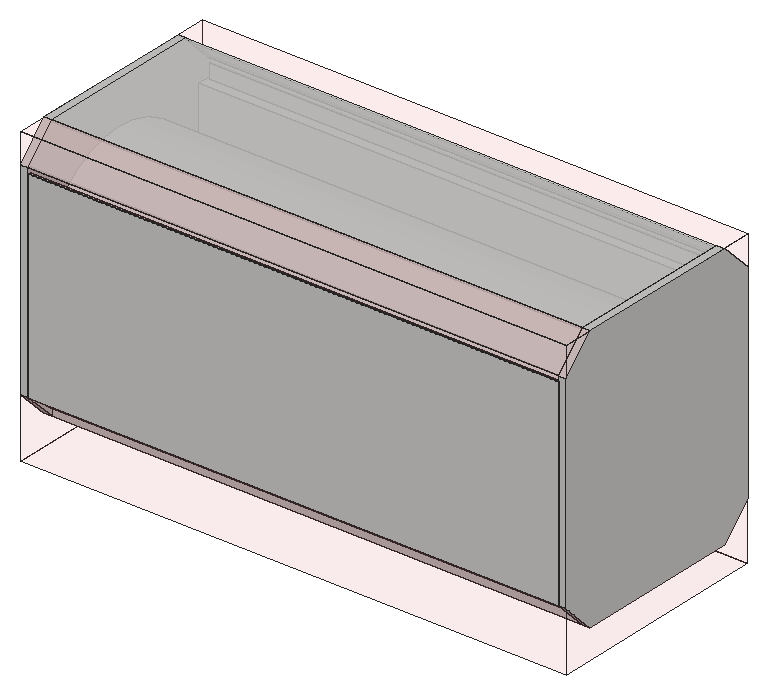
Revit family "Air-Curtain_Climate-Control_PoweredAire_ETD", category Mechanical Equipment, host Face, Revit 2017
Family settings
  Host = Face
  Round Connector Dimension = Use Diameter
  Part Type = Normal
  OmniClass Number = 23.75.35.17.21
  OmniClass Title = Air Curtains
  Cut with Voids When Loaded = No
  Shared = No
  Room Calculation Point = No
Parameters
  Warranty Duration (Years) = 0
  Unit Width Notes = "Other Widths available."  # constant formula
  Unit Width = 3' - 0"
  Unit Weight = 0
  Unit Height = 1' - 3"
  Unit Depth = 1' - 5 1/2"
  URL = "http://www.poweredaire.com/"
  Test Data = ""
  Temperature Rise_Range = "as Specified"
  Standards Conformance = "as Specified"
  Specification = "http://www.arcat.com/sdspecs/htm04/23_34_33pai.htm"
  SpecWizard = ""
  Sound Pressure = "as Specified"
  Sales Information = "http://www.poweredaire.com/contact_us"
  Revision = "R1_2016-08"
  Projection from Host [instance] = 0' - 2"
  Product Properties = ""
  Product Data = "http://www.arcat.com/arcatcos/cos47/arc47623.html"
  Power Rating = 0 W
  Outlet Volume_Range = "as Specified"
  Outlet Velocity_Range = "as Specified"
  Nozzle Width = if(1 = 1, Unit Width - 0' 1", 0' 0")  # 2' - 11"
  Mounting Width = if(1 = 1, Unit Width - 0' 0 15/16", 0' 0")  # 2' - 11 1/16"
  Mounting Height [instance] = 3' - 6"
  Motor RPM = 0
  Motor HP = 0
  Motor Count = 0
  Model = "As Specified"
  Max Height = 0' - 0"
  Manufacturer Website = "http://www.poweredaire.com/"
  Manufacturer Phone - Toll Free = "888-321-2473"
  Manufacturer Phone = "724-588-3305"
  Manufacturer Fax = "724-588-3371"
  Manufacturer Address = "109 Mortensen Rd.  Greenville, PA 16125"
  Manufacturer = "Powered Aire, Inc"
  Maintenance Schedule (Months) = 0
  Keynote = "23 34 33"
  Installation-Fabrication = ""
  Installation Phase = ""
  Include Clearance [instance] = yes
  Heating Element Load = 0 W
  HVAC_Temperature Rise [instance] = 0 °F
  HVAC_Outlet Volume [instance] = 0 CFM
  HVAC_Outlet Velocity Uniformity = 0
  HVAC_Outlet Velocity [instance] = 0 FPM
  Green Building-LEED = "http://www.arcat.com/green/clients/leed_data_47623.html"
  Front Grating Material [instance] = Metal - Steel - PoweredAire - Stainless 304 Perforated
  Frame Finish [instance] = Metal - Steel - PoweredAire - Stainless 304
  Expected Lifespan (Years) = 0
  Electrical_Wattage [instance] = Power Rating + Heating Element Load  # 0 W
  Electrical_Voltage [instance] = 0 V
  Electrical_Phase [instance] = 1
  Electrical_Frequency [instance] = 0 Hz
  Electrical_Amperage [instance] = 0 A
  Drawn By = "Sumex Design, Inc. / Robert S. Weygant, CSI, CDT, SCIP"
  Description = "Powered Aire Air Curtain as Specified"
  Default Elevation = 0' - 0"  # constant formula
  Copyright = "©Arcat Inc."
  Construction Details = "http://www.arcat.com/details/powair/prod3336.html"
  Clearance_Top [instance] = 0' - 0"
  Clearance_Side B [instance] = 0' - 0"
  Clearance_Side A [instance] = 0' - 0"
  Clearance_Intake [instance] = 0' - 0"
  Clearance_Bottom [instance] = 0' - 0"
  Clearance Material [instance] = ARCAT Clearance
  Building Codes = ""
  Available Options [instance] = "as Specified"
  Assembly Code = "D3090400"
Reference planes (in)
  plane 1 "Center (Elevation)": y = 0.13818
  plane 2: z = 0
  plane 3 "Center (Left/Right)": x = 0
  plane 4: y = 7.63818
  plane 5: y = -7.36182
  plane 6: x = -18
  plane 7: x = 18
  plane 8: z = 19.5
  plane 9 "FF": y = -41.86182
  plane 10: z = 2
  plane 11: x = 17.5
  plane 12: x = -17.5
  plane 13: y = 7.63818
  plane 14: y = -7.36182
  plane 15: x = -18
  plane 16: x = 18
  plane 17: z = 19.5
Forms (in)
  Extrusion 1, solid, material "Metal - Steel - PoweredAire - Stainless 304" <- "Frame Finish"
    sketch origin (0, 0, 0) x (0, 1, 0) y (0, 0, 1)
      loop
        line (5.69363, 2) -> (7.63818, 3.94454) -> (7.63818, 17.55546) -> (5.69363, 19.5) -> (-5.41728, 19.5) -> (-7.36182, 17.55546) -> (-7.36182, 3.94454) -> (-5.41728, 2) -> (5.69363, 2)
    from 17.5 to 18
  Extrusion 2, solid, material "Metal - Steel - PoweredAire - Stainless 304" <- "Frame Finish"
    sketch origin (0, 0, -0.5) x (0, 1, 0) y (0, 0, 1)
      loop
        circle (0.13818, 10.9739) r 6.25
      loop
        line (6.63818, 16.89427) -> (6.63818, 5.87829) -> (7.33849, 5.87829) -> (7.33849, 16.89427) -> (6.63818, 16.89427)
      loop
        line (-7.02798, 16.76927) -> (-7.02798, 5.75329) -> (-6.36182, 5.75329) -> (-6.36182, 16.76927) -> (-7.02798, 16.76927)
    from -17.5 to 17.5
  Extrusion 3, solid, material "Metal - Steel - PoweredAire - Stainless 304" <- "Frame Finish"
    sketch origin (0, 0, 0) x (0, 1, 0) y (0, 0, -1)
      loop
        line (5.69363, -2) -> (-5.41728, -2) -> (-7.36182, -3.94454) -> (-7.36182, -17.55546) -> (-5.41728, -19.5) -> (5.69363, -19.5) -> (7.63818, -17.55546) -> (7.63818, -3.94454) -> (5.69363, -2)
    from 17.5 to 18
  Extrusion 4, solid, material "Metal - Steel - PoweredAire - Stainless 304" <- "Frame Finish"
    sketch origin (0, 0, 0) x (0, 1, 0) y (0, 0, 1)
      loop
        line (-5.41728, 2) -> (5.69363, 2) -> (7.63818, 3.94454) -> (7.63818, 17.19454) -> (7.51318, 17.19454) -> (7.51318, 3.99632) -> (5.64186, 2.125) -> (-5.29228, 2.125) -> (-5.29228, 4.06954) -> (-7.23682, 4.06954) -> (-7.23682, 17.19454) -> (-7.36182, 17.19454) -> (-7.36182, 3.94454) -> (-5.41728, 3.94454) -> (-5.41728, 2)
      loop
        line (-6.64819, 3.61034) -> (-5.8702, 2.83235) -> (-5.74472, 2.95783) -> (-6.52271, 3.73583) -> (-6.64819, 3.61034)
    from -17.5 to 17.5
  Extrusion 5, solid, material "Metal - Steel - PoweredAire - Stainless 304 Perforated" <- "Front Grating Material"
    sketch origin (0, 0, 0) x (0, 1, 0) y (0, 0, 1)
      loop
        line (-7.36182, 17.19454) -> (-7.23682, 17.19454) -> (-7.23682, 17.50368) -> (-5.3655, 19.375) -> (5.64186, 19.375) -> (7.51318, 17.50368) -> (7.51318, 17.19454) -> (7.63818, 17.19454) -> (7.63818, 17.55546) -> (5.69363, 19.5) -> (-5.41728, 19.5) -> (-7.36182, 17.55546) -> (-7.36182, 17.19454)
    from -17.5 to 17.5
  Extrusion 6, solid, material "ARCAT Clearance" <- "Clearance Material", visible <- "Include Clearance"
    sketch origin (0, 0, 0) x (0, 1, 0) y (0, 0, 1)
      loop
        line (-7.36182, 19.5) -> (-7.36182, 0) -> (7.63818, 0) -> (7.63818, 19.5) -> (-7.36182, 19.5)
    from -18 to 18
Dimensions and locks (in)
  equal spacing: plane 4, plane 1 "Center (Elevation)", plane 5
  "Unit Height": plane 4 to plane 5
  equal spacing: plane 6, plane 3 "Center (Left/Right)", plane 7
  "Unit Width": plane 6 to plane 7
  "Mounting Height": plane 1 "Center (Elevation)" to plane 9 "FF"
  "Projection from Host": plane 10 to level
  "Unit Depth": plane 8 to plane 10
  locked: plane 6 to plane 12 at 0.5
  locked: plane 11 to plane 7 at 0.5
  "Clearance_Side A": plane 7 to plane 16
  "Clearance_Side B": plane 15 to plane 6
  "Clearance_Top": plane 13 to plane 4
  "Clearance_Bottom": plane 5 to plane 14
  "Clearance_Intake": plane 17 to plane 8
  aligned and locked: plane 2 to host face
  aligned and locked: level to host face
  aligned and locked: plane 7 to Extrusion 1
  aligned and locked: Extrusion 1 to plane 11
  aligned and locked: plane 12 to Extrusion 3
  aligned and locked: Extrusion 3 to plane 6
  aligned and locked: Extrusion 2 to plane 12
  aligned and locked: plane 11 to Extrusion 2
  aligned and locked: plane 11 to Extrusion 4
  aligned and locked: Extrusion 4 to plane 12
  aligned and locked: plane 11 to Extrusion 5
  aligned and locked: Extrusion 5 to plane 12
  aligned and locked: Extrusion 6 sketch curve to plane 17
  aligned and locked: plane 14 to Extrusion 6 sketch curve
  aligned and locked: level to Extrusion 6 sketch curve
  aligned and locked: Extrusion 6 sketch curve to plane 13
  aligned and locked: plane 16 to Extrusion 6
  aligned and locked: Extrusion 6 to plane 15
Automatic sketch dimensions
  host sketch curve to host sketch curve = 8' - 0"  (x2)
  Extrusion 1 sketch curve to plane 5 = 0' - 0"
  Extrusion 1 sketch curve to plane 8 = 0' - 0"
  Extrusion 1 sketch curve to plane 10 = 0' - 0"
  Extrusion 1 sketch curve to plane 4 = 0' - 0"
  plane 5 to Extrusion 1 sketch curve = 0' - 1.94454"  (x2)
  Extrusion 1 sketch curve to plane 4 = 0' - 1.94454"  (x2)
  plane 10 to Extrusion 1 sketch curve = 0' - 1.94454"  (x2)
  Extrusion 1 sketch curve to plane 8 = 0' - 1.94454"  (x2)
  Extrusion 2 sketch curve to plane 1 "Center (Elevation)" = 0' - 0"
  plane 5 to Extrusion 2 sketch curve = 0' - 1"
  plane 5 to Extrusion 2 sketch curve = 0' - 0.33384"
  Extrusion 2 sketch curve to plane 4 = 0' - 1"
  Extrusion 2 sketch curve to plane 4 = 0' - 0.29969"
  plane 10 to Extrusion 2 sketch curve = 0' - 3.37829"
  plane 10 to Extrusion 2 sketch curve = 0' - 3.25329"
  Extrusion 2 sketch curve to plane 8 = 0' - 9.0261"
  Extrusion 2 sketch curve to plane 8 = 0' - 3.23073"
  Extrusion 2 sketch curve to plane 8 = 0' - 3.10573"
  Extrusion 3 sketch curve to plane 5 = 0' - 0"
  Extrusion 3 sketch curve to plane 8 = 0' - 0"
  Extrusion 3 sketch curve to plane 10 = 0' - 0"
  Extrusion 3 sketch curve to plane 4 = 0' - 0"
  plane 5 to Extrusion 3 sketch curve = 0' - 1.94454"  (x2)
  Extrusion 3 sketch curve to plane 4 = 0' - 1.94454"  (x2)
  Extrusion 3 sketch curve to plane 8 = 0' - 1.94454"  (x2)
  plane 10 to Extrusion 3 sketch curve = 0' - 1.94454"  (x2)
  Extrusion 4 sketch curve to plane 5 = 0' - 0"
  Extrusion 4 sketch curve to plane 10 = 0' - 0"
  Extrusion 4 sketch curve to plane 4 = 0' - 0"
  plane 5 to Extrusion 4 sketch curve = 0' - 0 1/8"
  plane 5 to Extrusion 4 sketch curve = 0' - 0.71363"
  Extrusion 4 sketch curve to Extrusion 4 sketch curve = 0' - 0.12548"  (x2)
  Extrusion 4 sketch curve to Extrusion 4 sketch curve = 0' - 0.778"
  Extrusion 4 sketch curve to Extrusion 4 sketch curve = 0' - 0.32744"
  Extrusion 4 sketch curve to Extrusion 4 sketch curve = 0' - 0 1/8"  (x2)
  plane 10 to Extrusion 4 sketch curve = 0' - 0 1/8"
  Extrusion 4 sketch curve to plane 4 = 0' - 1.99632"
  Extrusion 4 sketch curve to Extrusion 4 sketch curve = 0' - 0.05178"  (x2)
  plane 10 to Extrusion 4 sketch curve = 0' - 0.83235"
  plane 10 to Extrusion 4 sketch curve = 0' - 1.94454"
  Extrusion 4 sketch curve to Extrusion 4 sketch curve = 0' - 0.3342"
  Extrusion 4 sketch curve to plane 4 = 0' - 0 1/8"
  Extrusion 4 sketch curve to plane 8 = 0' - 2.30546"  (x2)
  Extrusion 5 sketch curve to plane 5 = 0' - 0"
  Extrusion 5 sketch curve to plane 8 = 0' - 0"
  Extrusion 5 sketch curve to plane 4 = 0' - 0"
  plane 5 to Extrusion 5 sketch curve = 0' - 0 1/8"
  plane 5 to Extrusion 5 sketch curve = 0' - 1.94454"
  Extrusion 5 sketch curve to plane 8 = 0' - 0 1/8"
  Extrusion 5 sketch curve to Extrusion 5 sketch curve = 0' - 0.05178"  (x4)
  Extrusion 5 sketch curve to plane 4 = 0' - 1.99632"
  Extrusion 5 sketch curve to plane 8 = 0' - 1.94454"  (x2)
  Extrusion 5 sketch curve to Extrusion 5 sketch curve = 0' - 0 1/8"
  Extrusion 5 sketch curve to Extrusion 5 sketch curve = 0' - 0.30914"  (x2)
  radius of Extrusion 2 sketch curve = 0' - 6 1/4"
Connectors (in)
  electrical at (0, 7.63818, 10.56954), driven by "Electrical_Phase", driven by "Electrical_Voltage"
    settings: on Extrusion 4, index 1, voltage 0 V, apparent load 0 VA, apparent load phase1 0 VA, apparent load phase2 0 VA, apparent load phase3 0 VA, power factor 1, load classification "Motor", number of poles 1, system type 31, power factor state 1, is connector primary yes, connector utility no, sub classification motor no, connector description ""
